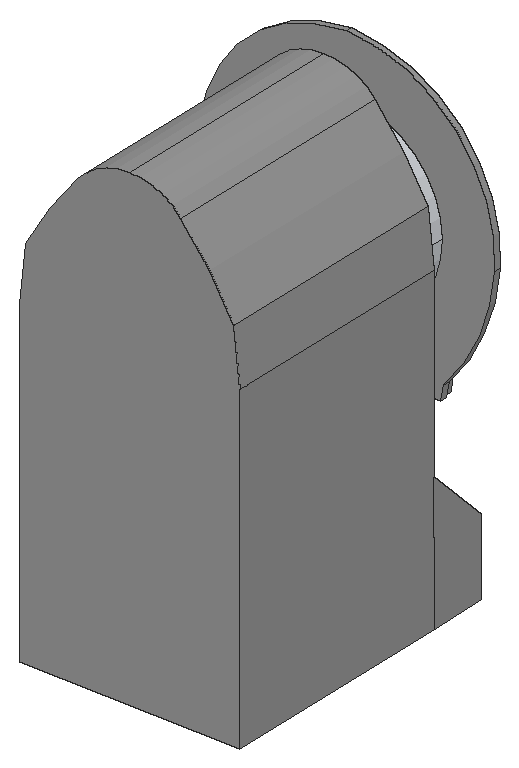
Revit family "Bariatric_Toilet-Willoughby-BETW-1490-FM-FA-BS", category Plumbing Fixtures, Revit 2015
Parameters (values of type "Standard")
  Waste DIA = 2 3/8"
  Waste Connection = yes
  Vent Connection = no
  URL = "https://www.willoughby-ind.com/wp-content/uploads/2018/01/BETW-1490-FM-FA.pdf"
  Type Comments = ""
  Revision = "A"
  Model = "BETW-1490-FM-FA-BS"
  Manufacturer = "Willoughby Industries"
  HW Connection = no
  Flush Inlet DIA = 1 1/2"
  Flush Inlet Connection = yes
  Fixture Body = Stainless Steel AISI 304-Willoughby
  Description = "Front Access, Wall Outlet, Blowout Series Bariatric Toilet, Back Spud"
  Default Elevation = 0' - 0"
  Contact = "(800) 428-4065"
  CW Connection = no
Reference planes (in)
  plane 1 "Center (Front/Back)Floor": y = 0
  plane 2: z = 0
  plane 3 "Center (Left/Right)": x = 0
  plane 4 "Toilet Base HGT": y = 15.75
  plane 5 "Top Of Unit": y = 19.625
  plane 6: x = 7.125
  plane 7: x = -7.125
  plane 8: z = 20.875
  plane 9: z = 31
  plane 10: z = 31.5
  plane 11: z = 24.75
  plane 12: z = 29.375
  plane 13: x = 2
  plane 14: x = -2
  plane 15: z = 9
  plane 16: z = 5
  plane 17: z = 21.5
  plane 18: z = 27.6875
  plane 19: z = 13.125
  plane 20: x = 9.625
  plane 21: x = -9.625
  plane 22 "Waste HGT": y = 12.25
  plane 23: y = 16.5
Forms (in)
  Extrusion 1, solid, material "Stainless Steel AISI 304-Willoughby" <- "Fixture Body"
    sketch origin (0, 0, 0) x (1, 0, 0) y (0, 0, 1)
      loop
        line (7.125, 0) -> (7.125, 20.875)
        arc (7.125, 20.875) -> (7.03428, 22.67805) -> (6.76304, 24.46289) r 17.96324
        arc (6.76304, 24.46289) -> (5.19007, 27.08) -> (3.33041, 29.50181) r 26.87644
        arc (3.33041, 29.50181) -> (1.83129, 30.62012) -> (0, 31) r 4.32008
        arc (0, 31) -> (-1.83129, 30.62012) -> (-3.33041, 29.50181) r 4.32008
        arc (-3.33041, 29.50181) -> (-5.19007, 27.08) -> (-6.76304, 24.46289) r 26.87644
        arc (-6.76304, 24.46289) -> (-7.03428, 22.67805) -> (-7.125, 20.875) r 17.96324
        line (-7.125, 20.875) -> (-7.125, 0) -> (7.125, 0)
    from 0 to -15.75
  Extrusion 2, solid, material "Stainless Steel AISI 304-Willoughby" <- "Fixture Body"
    sketch origin (0, 0, 0) x (0, 1, 0) y (0, 0, 1)
      loop
        line (15.75, 8.875) -> (15.75, 0) -> (19.625, 0) -> (19.625, 5) -> (15.75, 8.875)
    from -7.125 to 7.125
  Extrusion 3, solid
    sketch origin (0, 15.75, 0) x (-1, 0, 0) y (0, 0, 1)
      loop
        circle (0, 21.5) r 6.1875
    from 0 to 1.875
  Extrusion 4, solid, material "Stainless Steel AISI 304-Willoughby" <- "Fixture Body"
    sketch origin (0, 15.75, 0) x (-1, 0, 0) y (0, 0, 1)
      loop
        line (-4.75, 12.125) -> (-4.75, 12.625) -> (4.75, 12.625) -> (4.75, 12.125) -> (6.125, 12.125) -> (6.30133, 13.125)
        arc (6.30133, 13.125) -> (8.61843, 16.71898) -> (9.625, 20.875) r 12.82342
        arc (9.625, 20.875) -> (7.07791, 28.23969) -> (0, 31.5) r 9.93325
        arc (0, 31.5) -> (-7.07791, 28.23969) -> (-9.625, 20.875) r 9.93325
        arc (-9.625, 20.875) -> (-8.61843, 16.71898) -> (-6.30133, 13.125) r 12.82342
        line (-6.30133, 13.125) -> (-6.125, 12.125) -> (-4.75, 12.125)
    from 1.875 to 2.25
  Blend 5, solid, material "Stainless Steel AISI 304-Willoughby" <- "Fixture Body"
    base sketch origin (0, 15.75, 0) x (-1, 0, 0) y (0, 0, 1)
      loop
        line (-4.60785, 12.15929) -> (-4.60785, 12.40929) -> (4.64215, 12.40929) -> (4.64215, 12.15929) -> (5.98395, 12.15929) -> (6.22068, 14.59691)
        arc (6.22068, 14.59691) -> (8.11105, 18.09183) -> (8.6336, 22.03074) r 10.97859
        arc (8.6336, 22.03074) -> (5.98369, 28.04088) -> (0, 30.75) r 9.19603
        arc (0, 30.75) -> (-5.98369, 28.04088) -> (-8.6336, 22.03074) r 9.19603
        arc (-8.6336, 22.03074) -> (-8.11105, 18.09183) -> (-6.22068, 14.59691) r 10.97859
        line (-6.22068, 14.59691) -> (-5.98395, 12.15929) -> (-4.60785, 12.15929)
    top sketch origin (0, 15.75, 0) x (-1, 0, 0) y (0, 0, 1)
      loop
        arc (6.22944, 13.99176) -> (8.35674, 17.14799) -> (9.12911, 20.875) r 9.85348
        arc (9.12911, 20.875) -> (6.86364, 28.01045) -> (0, 31) r 9.05259
        arc (0, 31) -> (-6.86364, 28.01045) -> (-9.12911, 20.875) r 9.05259
        arc (-9.12911, 20.875) -> (-8.34629, 17.12327) -> (-6.19132, 13.954) r 9.85348
        line (-6.19132, 13.954) -> (-6.01467, 12.135) -> (-4.5826, 12.135) -> (-4.5826, 12.385) -> (4.63006, 12.385) -> (4.63006, 12.125) -> (5.99156, 12.125) -> (6.22944, 13.99176)
    from 2.875 to 2.25
  Revolve 6, solid
    sketch origin (0, 12.25, 0) x (0, 0, -1) y (-1, 0, 0)
      loop
        line (0, 0) -> (0, 1.1875) -> (-2.25, 1.1875) -> (-2.25, 0) -> (0, 0)
      axis (-2.25, 0) -> (0, 0)
    angle from 0 to 360
  Revolve 7, solid, material "Stainless Steel AISI 304-Willoughby" <- "Fixture Body"
    sketch origin (0, 0, 0) x (0, 1, 0) y (0, 0, 1)
      loop
        line (16.5, 0) -> (16.5, 2.25) -> (15.75, 2.25) -> (15.75, 0) -> (16.5, 0)
      axis (16.5, 2.25) -> (16.5, 0)
    angle from 0 to 360
Lines and regions (in)
  symbolic lines
    curve 1: line (0, 15.75, 8.875) -> (0, 15.75, 31)
    curve 2: line (0, 15.75, 31) -> (0, 0, 31)
    curve 3: line (0, 0, 31) -> (0, 0, 0)
    curve 4: line (0, 0, 0) -> (0, 15.75, 0)
    curve 11: line (0, 18, 12.125) -> (0, 17.625, 12.125)
    curve 16: line (0, 15.75, 8.875) -> (0, 19.625, 5)
    curve 17: line (0, 19.625, 5) -> (0, 19.625, 0)
    curve 18: line (0, 19.625, 0) -> (0, 15.75, 0)
    curve 19: line (7.125, 19.625, -0.25) -> (7.125, 19.625, 14.12365)
    curve 20: arc (7.125, 19.625, 14.12365) -> (8.85852, 19.625, 17.32028) -> (9.625, 19.625, 20.875) r 12.82342
    curve 21: arc (9.625, 19.625, 20.875) -> (9.10381, 19.625, 24.81755) -> (7.07791, 19.625, 28.23969) r 9.93325
    curve 22: arc (7.07791, 19.625, 28.23969) -> (3.87202, 19.625, 30.5929) -> (0, 19.625, 31.5) r 9.93325
    curve 23: arc (0, 19.625, 31.5) -> (-3.87202, 19.625, 30.5929) -> (-7.07791, 19.625, 28.23969) r 9.93325
    curve 24: arc (-7.07791, 19.625, 28.23969) -> (-9.10381, 19.625, 24.81755) -> (-9.625, 19.625, 20.875) r 9.93325
    curve 25: arc (-9.625, 19.625, 20.875) -> (-8.85852, 19.625, 17.32028) -> (-7.125, 19.625, 14.12365) r 12.82342
    curve 26: line (-7.125, 19.625, 14.12365) -> (-7.125, 19.625, 0)
    curve 27: line (-7.125, 19.625, 0) -> (7.125, 19.625, 0)
    curve 51: line (7.125, 19.625, 0) -> (-7.125, 19.625, 0)
    curve 52: line (-7.125, 19.625, 0) -> (-7.125, 0, 0)
    curve 53: line (-7.125, 0, 0) -> (7.125, 0, 0)
    curve 54: line (7.125, 0, 0) -> (7.125, 19.625, 0)
    curve 55: line (-6.76304, 15.75, 0) -> (-6.76304, 0, 0)
    curve 56: line (-7.125, 15.75, 0) -> (7.125, 15.75, 0)
    curve 57: line (6.1875, 17.625, 0) -> (6.1875, 15.75, 0)
    curve 58: line (-6.17726, 15.75, 0) -> (-6.17726, 17.625, 0)
    curve 59: line (-6.17726, 17.625, 0) -> (6.1875, 17.625, 0)
    curve 69: line (6.76304, 15.75, 0) -> (6.76304, 0, 0)
  symbolic lines, detail levels medium+fine
    curve 5: line (0, 15.75, 15.375) -> (0, 17.625, 15.375)
    curve 6: line (0, 17.625, 15.375) -> (0, 17.625, 27.6875)
    curve 7: line (0, 17.625, 27.6875) -> (0, 15.75, 27.6875)
    curve 8: line (0, 17.625, 27.6875) -> (0, 17.625, 31.5)
    curve 9: line (0, 17.625, 31.5) -> (0, 18, 31.5)
    curve 10: line (0, 18, 31.5) -> (0, 18, 12.125)
    curve 12: line (0, 17.625, 12.125) -> (0, 17.625, 15.375)
    curve 13: line (0, 18, 12.125) -> (0, 18.625, 12.15929)
    curve 14: line (0, 18.625, 12.15929) -> (0, 18.625, 30.75)
    curve 15: line (0, 18.625, 30.75) -> (0, 18, 31)
    curve 28: line (-7.125, 19.625, 5) -> (7.125, 19.625, 5)
    curve 29: line (-7.125, 19.625, 8.875) -> (7.125, 19.625, 8.875)
    curve 30: line (-7.125, 19.625, 14.12365) -> (-6.30133, 19.625, 13.125)
    curve 31: line (-6.30133, 19.625, 13.125) -> (-6.125, 19.625, 12.125)
    curve 32: line (-6.125, 19.625, 12.125) -> (-4.75, 19.625, 12.125)
    curve 33: line (-4.75, 19.625, 12.125) -> (-4.75, 19.625, 12.625)
    curve 34: line (-4.75, 19.625, 12.625) -> (4.75, 19.625, 12.625)
    curve 35: line (4.75, 19.625, 12.625) -> (4.75, 19.625, 12.125)
    curve 36: line (4.75, 19.625, 12.125) -> (6.125, 19.625, 12.125)
    curve 37: line (6.125, 19.625, 12.125) -> (6.30133, 19.625, 13.125)
    curve 38: arc (6.30133, 19.625, 13.125) -> (6.72577, 19.625, 13.61393) -> (7.125, 19.625, 14.12365) r 12.82342
    curve 50: line (0, 17.625, 12.125) -> (0, 18, 12.125)
    curve 60: line (-6.17726, 17.625, 0) -> (-9.6494, 17.625, 0)
    curve 61: line (-9.6494, 17.625, 0) -> (-9.6494, 18, 0)
    curve 62: line (-9.6494, 18, 0) -> (-9.12911, 18, 0)
    curve 63: line (-9.12911, 18, 0) -> (-8.6336, 18.625, 0)
    curve 64: line (-8.6336, 18.625, 0) -> (8.64736, 18.625, 0)
    curve 65: line (8.64736, 18.625, 0) -> (9.14287, 18, 0)
    curve 66: line (9.14287, 18, 0) -> (9.6494, 18, 0)
    curve 67: line (9.6494, 18, 0) -> (9.6494, 17.625, 0)
    curve 68: line (6.1875, 17.625, 0) -> (9.6494, 17.625, 0)
  symbolic lines, detail levels fine
    curve 39: line (-6.22068, 19.625, 14.59691) -> (-5.98395, 19.625, 12.15929)
    curve 40: line (-5.98395, 19.625, 12.15929) -> (-4.64215, 19.625, 12.15929)
    curve 41: line (-4.64215, 19.625, 12.15929) -> (-4.64215, 19.625, 12.385)
    curve 42: line (-4.64215, 19.625, 12.385) -> (4.60785, 19.625, 12.385)
    curve 43: line (4.60785, 19.625, 12.385) -> (4.60785, 19.625, 12.15929)
    curve 44: line (4.60785, 19.625, 12.15929) -> (5.98395, 19.625, 12.15929)
    curve 45: line (5.98395, 19.625, 12.15929) -> (6.22068, 19.625, 14.59691)
    curve 46: arc (6.22068, 19.625, 14.59691) -> (7.91817, 19.625, 17.54689) -> (8.63061, 19.625, 20.875) r 10.97859
    curve 47: arc (8.63061, 19.625, 20.875) -> (6.37958, 19.625, 27.61664) -> (0, 19.625, 30.75) r 9.21317
    curve 48: arc (0, 19.625, 30.75) -> (-6.36999, 19.625, 27.60827) -> (-8.63061, 19.625, 20.875) r 9.24339
    curve 49: arc (-8.63061, 19.625, 20.875) -> (-7.89379, 19.625, 17.55625) -> (-6.22068, 19.625, 14.59691) r 11.52349
Dimensions and locks (in)
  plane 9 to level = 2' - 7"
  plane 1 "Center (Front/Back)Floor" to plane 4 "Toilet Base HGT" = 1' - 3 3/4"
  plane 1 "Center (Front/Back)Floor" to plane 5 "Top Of Unit" = 1' - 7 5/8"
  plane 7 to plane 6 = 1' - 2 1/4"
  plane 10 to level = 2' - 7 1/2"
  plane 4 "Toilet Base HGT" to plane 1 "Center (Front/Back)Floor" = 1' - 3 3/4"
  aligned and locked: Extrusion 1 to plane 7
  aligned and locked: Extrusion 1 to level
  aligned and locked: Extrusion 2 to plane 4 "Toilet Base HGT"
  aligned and locked: plane 5 "Top Of Unit" to Extrusion 2
  aligned and locked: Extrusion 2 to level
  aligned and locked: Revolve 6 sketch curve to Revolve 6 sketch curve  (x2)
  aligned and locked: plane 6 to Extrusion 2
  aligned and locked: Extrusion 2 to plane 7
  aligned and locked: curve 56 to curve 69
  aligned and locked: curve 69 to Extrusion 1
  aligned and locked: Revolve 7 sketch curve to Revolve 7 sketch curve  (x2)
Connectors (in)
  piping at (0, 12.25, 0), diameter 2.375, driven by "Waste DIA", driven by "Waste Connection"
    settings: on Revolve 6, index 1, connector inside diameter 24", connector length 0' - 0", flow factor 0, pipe flow 0 GPM, pressure drop 0.00 psi, fitting loss kfactor 0, connector angle 0.00°, fixture units 0, engagement length 0' - 0", angle of deflection 0.00°, flow configuration 0, flow direction 2, fitting loss method 0, system type 16, joint type 0, gender type 0, connector reference index -1, connector utility 1, adjustable connector no, is connector primary yes, connector description "Toilet Waste"
  piping at (0, 16.5, 0), diameter 1.5, driven by "Flush Inlet DIA", driven by "Flush Inlet Connection"
    settings: on Revolve 7, index 2, connector inside diameter 24", connector length 0' - 0", flow factor 0, pipe flow 0 GPM, pressure drop 0.00 psi, fitting loss kfactor 0, connector angle 0.00°, fixture units 0, engagement length 0' - 0", angle of deflection 0.00°, flow configuration 0, flow direction 0, fitting loss method 0, system type 7, joint type 0, gender type 0, connector reference index -1, connector utility 1, adjustable connector no, is connector primary no, connector description ""
